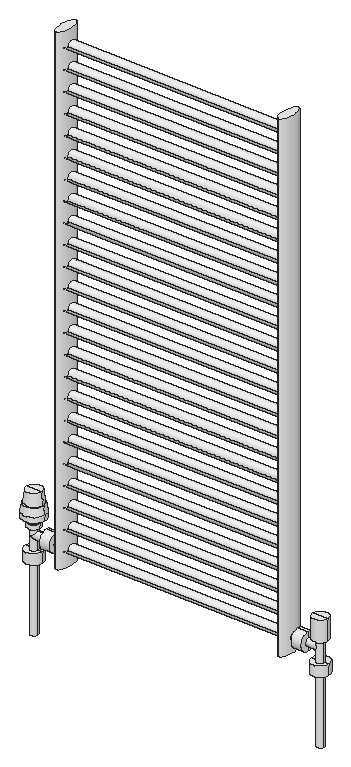
Revit family
Parameters (values of type "450 x 974mm Deep")
  Vis - Vert Connection = yes
  Vis - Horz Connection = no
  Radiator Type = "Single"
  Radiator Length = 450 mm
  Radiator Height = 974 mm
  Offset from Wall = 65 mm
  No of Bars = 24
  Material Valves and Pipes = Metal - Chrome Polished
  Material Radiator = Paint - White Polished
  Keynote = "T"
  Horz Bar Diameter = Bar Radius * 2  # 18 mm
  Height to U/S = 150 mm
  Bar Radius = 9 mm
Reference planes
  plane 1 "Wall": y = 0
  plane 2 "Center (Left/Right)": x = -1.686
  plane 3 "Back": y = 75
  plane 4: x = -226.686
  plane 5: x = 223.314
  plane 6: z = 150
  plane 7: z = 1124
  plane 8: y = 140
  plane 9: z = 180
  plane 10: z = 1094
Forms (mm)
  Extrusion 1, solid, material "Paint - White Polished" <- "Material Radiator"
    sketch origin (0, 0, 0) x (1, 0, 0) y (0, 1, 0)
      loop
        spline (-226.686, 115) -> (-224.098, 115.852) -> (-221.686, 118.349) -> (-219.615, 122.322) -> (-218.026, 127.5) -> (-217.027, 133.53) -> (-216.686, 140) -> (-217.027, 146.47) -> (-218.026, 152.5) -> (-219.615, 157.678) -> (-221.686, 161.651) -> (-224.098, 164.148) -> (-226.686, 165)
        spline (-226.686, 165) -> (-229.275, 164.148) -> (-231.686, 161.651) -> (-233.757, 157.678) -> (-235.347, 152.5) -> (-236.346, 146.47) -> (-236.686, 140) -> (-236.346, 133.53) -> (-235.347, 127.5) -> (-233.757, 122.322) -> (-231.686, 118.349) -> (-229.275, 115.852) -> (-226.686, 115)
      loop
        spline (223.314, 115) -> (225.902, 115.852) -> (228.314, 118.349) -> (230.385, 122.322) -> (231.974, 127.5) -> (232.973, 133.53) -> (233.314, 140) -> (232.973, 146.47) -> (231.974, 152.5) -> (230.385, 157.678) -> (228.314, 161.651) -> (225.902, 164.148) -> (223.314, 165)
        spline (223.314, 165) -> (220.725, 164.148) -> (218.314, 161.651) -> (216.243, 157.678) -> (214.653, 152.5) -> (213.654, 146.47) -> (213.314, 140) -> (213.654, 133.53) -> (214.653, 127.5) -> (216.243, 122.322) -> (218.314, 118.349) -> (220.725, 115.852) -> (223.314, 115)
    from 150 to 1124
Text (mm)
  text "Placement side" at (-1820.995, 1116.779, 0), in view "Ref. Level"
  text "Placement side" at (0, 1334.055, 2976.191), in view "Left"
  text "Placement side" at (0, 439.194, 2944.362), in view "Right"
Dimensions and locks
  locked: plane 3 "Back" to host wall
  equal spacing: plane 4, plane 2 "Center (Left/Right)", plane 5
  "Radiator Length": plane 4 to plane 5
  "Height to U/S": level to plane 6
  "Radiator Height": plane 6 to plane 7
  "Offset from Wall": plane 3 "Back" to plane 8
  locked: plane 10 to plane 7 at 30
  locked: plane 6 to plane 9 at 30
  equal spacing: group 1, group 3, group 4, group 5, group 6, group 7, group 8, group 9, group 10, group 11, group 12, group 13, group 14, group 15, group 16, group 17, group 18, group 19, group 20, group 21, group 22, group 23, group 24, group 2  (x3)
  aligned and locked: plane 1 "Wall" to host wall
  aligned and locked: nested 1 to plane 4
  aligned and locked: level to nested 1
  aligned and locked: nested 2 to level
  aligned and locked: nested 2 to plane 5
  aligned and locked: nested 1 to plane 8
  aligned and locked: plane 8 to nested 2
  aligned and locked: Extrusion 1 to plane 7
  aligned and locked: plane 6 to Extrusion 1
  aligned and locked: nested 3 to plane 2 "Center (Left/Right)"
  aligned and locked: nested 3 to plane 8
  aligned and locked: plane 9 to nested 3
  aligned and locked: nested 4 to plane 2 "Center (Left/Right)"
  aligned and locked: plane 10 to nested 4
  aligned and locked: nested 4 to plane 8
Automatic sketch dimensions
  Extrusion 1 sketch curve to plane 4 = 0 mm
  Extrusion 1 sketch curve to plane 5 = 0 mm
  Extrusion 1 sketch curve to plane 8 = 0 mm  (x2)
  plane 8 to Extrusion 1 sketch curve = 25 mm  (x2)
Nested families
  nested 1: "Radiator Valve - Flow" at (-226.686, 140, 0) x (-1, 0, 0) z (0, 0, 1), type "Radiator Valve - Flow"
    with Vis - Horz Entry no, Valve Offset 65 mm
  nested 2: "Radiator Valve - Return" at (223.314, 140, 0), type "Radiator Valve - Return"
    with Vis - Vert Entry yes, Vis - Horz Entry no, Value Offset 65 mm
  nested 3: "Radiator Bar" at (223.314, 140, 180) x (-1, 0, 0) z (0, 0, 1), type "Radiator Bar"
    with Bar Radius 9 mm
  nested 4: "Radiator Bar" at (223.314, 140, 1094) x (-1, 0, 0) z (0, 0, 1), type "Radiator Bar"
    with Bar Radius 9 mm
  nested 5: "Radiator Bar" at (223.314, 140, 219.739) x (-1, 0, 0) z (0, 0, 1), type "Radiator Bar"
    with Bar Radius 9 mm
  nested 6: "Radiator Bar" at (223.314, 140, 259.478) x (-1, 0, 0) z (0, 0, 1), type "Radiator Bar"
    with Bar Radius 9 mm
  nested 7: "Radiator Bar" at (223.314, 140, 299.217) x (-1, 0, 0) z (0, 0, 1), type "Radiator Bar"
    with Bar Radius 9 mm
  nested 8: "Radiator Bar" at (223.314, 140, 338.957) x (-1, 0, 0) z (0, 0, 1), type "Radiator Bar"
    with Bar Radius 9 mm
  nested 9: "Radiator Bar" at (223.314, 140, 378.696) x (-1, 0, 0) z (0, 0, 1), type "Radiator Bar"
    with Bar Radius 9 mm
  nested 10: "Radiator Bar" at (223.314, 140, 418.435) x (-1, 0, 0) z (0, 0, 1), type "Radiator Bar"
    with Bar Radius 9 mm
  nested 11: "Radiator Bar" at (223.314, 140, 458.174) x (-1, 0, 0) z (0, 0, 1), type "Radiator Bar"
    with Bar Radius 9 mm
  nested 12: "Radiator Bar" at (223.314, 140, 497.913) x (-1, 0, 0) z (0, 0, 1), type "Radiator Bar"
    with Bar Radius 9 mm
  nested 13: "Radiator Bar" at (223.314, 140, 537.652) x (-1, 0, 0) z (0, 0, 1), type "Radiator Bar"
    with Bar Radius 9 mm
  nested 14: "Radiator Bar" at (223.314, 140, 577.391) x (-1, 0, 0) z (0, 0, 1), type "Radiator Bar"
    with Bar Radius 9 mm
  nested 15: "Radiator Bar" at (223.314, 140, 617.13) x (-1, 0, 0) z (0, 0, 1), type "Radiator Bar"
    with Bar Radius 9 mm
  nested 16: "Radiator Bar" at (223.314, 140, 656.87) x (-1, 0, 0) z (0, 0, 1), type "Radiator Bar"
    with Bar Radius 9 mm
  nested 17: "Radiator Bar" at (223.314, 140, 696.609) x (-1, 0, 0) z (0, 0, 1), type "Radiator Bar"
    with Bar Radius 9 mm
  nested 18: "Radiator Bar" at (223.314, 140, 736.348) x (-1, 0, 0) z (0, 0, 1), type "Radiator Bar"
    with Bar Radius 9 mm
  nested 19: "Radiator Bar" at (223.314, 140, 776.087) x (-1, 0, 0) z (0, 0, 1), type "Radiator Bar"
    with Bar Radius 9 mm
  nested 20: "Radiator Bar" at (223.314, 140, 815.826) x (-1, 0, 0) z (0, 0, 1), type "Radiator Bar"
    with Bar Radius 9 mm
  nested 21: "Radiator Bar" at (223.314, 140, 855.565) x (-1, 0, 0) z (0, 0, 1), type "Radiator Bar"
    with Bar Radius 9 mm
  nested 22: "Radiator Bar" at (223.314, 140, 895.304) x (-1, 0, 0) z (0, 0, 1), type "Radiator Bar"
    with Bar Radius 9 mm
  nested 23: "Radiator Bar" at (223.314, 140, 935.043) x (-1, 0, 0) z (0, 0, 1), type "Radiator Bar"
    with Bar Radius 9 mm
  nested 24: "Radiator Bar" at (223.314, 140, 974.783) x (-1, 0, 0) z (0, 0, 1), type "Radiator Bar"
    with Bar Radius 9 mm
  nested 25: "Radiator Bar" at (223.314, 140, 1014.522) x (-1, 0, 0) z (0, 0, 1), type "Radiator Bar"
    with Bar Radius 9 mm
  nested 26: "Radiator Bar" at (223.314, 140, 1054.261) x (-1, 0, 0) z (0, 0, 1), type "Radiator Bar"
    with Bar Radius 9 mm
Definition of nested family "Radiator Valve - Flow"
  Parameters (values of type "Radiator Valve - Flow")
    Vis - Vertical Entry = yes
    Vis - Horz Entry = yes
    Valve Offset Vert = 30 mm
    Valve Offset Horz = 65 mm
    Valve Offset = 50 mm
    Radiator Bttm = 150 mm
    Material Valve Head = Plastic - White
    Material Valve = Metal - Chrome
    Material Pipe = Paint - White Polished
    Assembly Code = ""
  Reference planes
    plane 1 "Center (Front/Back)": y = 0
    plane 2: z = 0
    plane 3 "Center (Left/Right)": x = 0
    plane 4: x = 65
    plane 5: z = 150
    plane 6: z = 180
    plane 7: y = 50
  Forms (mm)
    Revolve 1, solid, material "Metal - Chrome" <- "Material Valve"
      sketch origin (0, 0, 0) x (1, 0, 0) y (0, 0, 1)
        loop
          line (0, 172.5) -> (20, 172.5) -> (20, 162.5) -> (40, 162.5) -> (40, 172.5) -> (65, 172.5) -> (65, 180) -> (0, 180) -> (0, 172.5)
        axis (0, 180) -> (65, 180)
      angle from 0 to 360
    Revolve 2, solid, material "Metal - Chrome" <- "Material Valve"
      sketch origin (0, 0, 0) x (1, 0, 0) y (0, 0, 1)
        loop
          line (65, 133.664) -> (65, 208.972) -> (57.5, 208.972) -> (57.5, 202) -> (52.5, 202) -> (52.5, 195) -> (57.5, 195) -> (57.5, 153.664) -> (47.5, 153.664) -> (47.5, 133.664) -> (65, 133.664)
        axis (65, 208.972) -> (65, 133.664)
      angle from 0 to 360
    Extrusion 3, solid, material "Paint - White Polished" <- "Material Pipe", visible <- "Vis - Vertical Entry"
      sketch origin (0, 0, 0) x (1, 0, 0) y (0, 1, 0)
        loop
          circle (65, 0) r 7.5
      from 0 to 133.664
    Revolve 4, solid, material "Plastic - White" <- "Material Valve Head"
      sketch origin (0, 0, 0) x (1, 0, 0) y (0, 0, 1)
        loop
          line (65, 208.972) -> (65, 261.547) -> (49.835, 261.547) -> (47.463, 238.117) -> (45.504, 236.986) -> (42.899, 222.214) -> (42.899, 212.214) -> (55, 208.972) -> (65, 208.972)
        axis (65, 208.972) -> (65, 261.547)
      angle from 0 to 360
    Sweep 5, solid, material "Paint - White Polished" <- "Material Pipe", visible <- "Vis - Horz Entry"
      path origin (65, 0, 0) x (0, -1, 0) y (0, 0, 1)
        loop
          line (0, 133.664) -> (0, 125)
          arc (0, 125) -> (-4.393, 114.393) -> (-15, 110) r 15
          line (-15, 110) -> (-50, 110)
      profile origin (65, 0, 129.332) x (-1, 0, 0) y (0, -1, 0)
        loop
          circle (0, 0) r 7.5
  Cuts and joins
    joined: Revolve 1, Revolve 2
  Lines and regions (mm)
    symbolic lines, detail levels medium+fine
      curve 1: line (0, 7.5, 0) -> (65, 7.5, 0)
      curve 2: line (0, -7.5, 0) -> (65, -7.5, 0)
      curve 3: circle (65, 0, 0) r 7.5 normal (0, 0, 1)
  Dimensions and locks
    "Valve Offset Horz": plane 3 "Center (Left/Right)" to plane 4
    "Radiator Bttm": plane 5 to level
    "Valve Offset Vert": plane 6 to plane 5
    "Valve Offset": plane 1 "Center (Front/Back)" to plane 7
    aligned and locked: Extrusion 3 to cut or joined group of Revolve 1, Revolve 2
    aligned and locked: Extrusion 3 to level
    aligned and locked: curve 1 to cut or joined group of Revolve 1, Revolve 2  (x3)
    aligned and locked: cut or joined group of Revolve 1, Revolve 2 to curve 2
    aligned and locked: curve 2 to cut or joined group of Revolve 1, Revolve 2  (x2)
  Automatic sketch dimensions
    Revolve 1 sketch curve to plane 6 = 0 mm  (x2)
    Revolve 1 sketch curve to plane 3 "Center (Left/Right)" = 0 mm
    Revolve 1 sketch curve to plane 4 = 0 mm
    Revolve 1 sketch curve to Revolve 1 sketch curve = 20 mm  (x2)
    plane 6 to Revolve 1 sketch curve = 7.5 mm  (x2)
    plane 3 "Center (Left/Right)" to Revolve 1 sketch curve = 20 mm
    Revolve 1 sketch curve to Revolve 1 sketch curve = 30 mm
    Revolve 1 sketch curve to Revolve 1 sketch curve = 10 mm
    Revolve 2 sketch curve to plane 4 = 0 mm  (x2)
    plane 4 to Revolve 2 sketch curve = 7.5 mm
    Revolve 2 sketch curve to Revolve 2 sketch curve = 0 mm
    Revolve 2 sketch curve to Revolve 2 sketch curve = 5 mm
    Revolve 2 sketch curve to plane 5 = 3.664 mm
    Revolve 2 sketch curve to Revolve 2 sketch curve = 10 mm
    plane 5 to Revolve 2 sketch curve = 16.336 mm
    Revolve 2 sketch curve to Revolve 2 sketch curve = 24.692 mm
    Revolve 2 sketch curve to plane 6 = 15 mm
    Revolve 2 sketch curve to Revolve 2 sketch curve = 7 mm
    Revolve 2 sketch curve to Revolve 2 sketch curve = 6.972 mm
    Revolve 2 sketch curve to Revolve 2 sketch curve = 25 mm
    Extrusion 3 sketch curve to plane 1 "Center (Front/Back)" = 0 mm
    Extrusion 3 sketch curve to plane 4 = 0 mm
    Revolve 4 sketch curve to plane 4 = 0 mm  (x2)
    plane 4 to Revolve 4 sketch curve = 10 mm
    plane 4 to Revolve 4 sketch curve = 15.165 mm
    plane 4 to Revolve 4 sketch curve = 17.537 mm
    Revolve 4 sketch curve to Revolve 4 sketch curve = 1.959 mm
    Revolve 4 sketch curve to Revolve 4 sketch curve = 2.605 mm
    Revolve 4 sketch curve to plane 6 = 18.972 mm
    Revolve 4 sketch curve to Revolve 4 sketch curve = 10 mm  (x2)
    Revolve 4 sketch curve to Revolve 4 sketch curve = 3.242 mm
    Revolve 4 sketch curve to Revolve 4 sketch curve = 14.772 mm
    Revolve 4 sketch curve to Revolve 4 sketch curve = 1.131 mm
    Revolve 4 sketch curve to Revolve 4 sketch curve = 23.43 mm
    Revolve 4 sketch curve to Revolve 4 sketch curve = 6.348 mm
    curve 3 to plane 4 = 0 mm
    Sweep 5 sketch curve to plane 7 = 0 mm
    Sweep 5 sketch curve to plane 1 "Center (Front/Back)" = 0 mm
    Sweep 5 sketch curve to plane 1 "Center (Front/Back)" = 15 mm
    plane 5 to Sweep 5 sketch curve = 40 mm
    Sweep 5 sketch curve to Sweep 5 sketch curve = 8.664 mm
    Sweep 5 sketch curve to plane 4 = 0 mm
    Sweep 5 sketch curve to profile plane = 0 mm
    radius of Extrusion 3 sketch curve = 7.5 mm
    radius of Sweep 5 sketch curve = 7.5 mm
Definition of nested family "Radiator Valve - Return"
  Parameters (values of type "Radiator Valve - Return")
    Vis - Vert Entry = no
    Vis - Horz Entry = yes
    Valve Offset Vert = 30 mm
    Valve Offset Horz = 65 mm
    Value Offset = 50 mm
    Radiator Bttm = 150 mm
    Material Valve Head = Plastic - White
    Material Valve = Metal - Chrome
    Material Pipe = Paint - White Polished
    Assembly Code = ""
  Reference planes
    plane 1 "Center (Front/Back)": y = 0
    plane 2: z = 0
    plane 3 "Center (Left/Right)": x = 0
    plane 4: x = 65
    plane 5: z = 150
    plane 6: z = 180
    plane 7: y = 50
  Forms (mm)
    Revolve 1, solid, material "Metal - Chrome" <- "Material Valve"
      sketch origin (0, 0, 0) x (1, 0, 0) y (0, 0, 1)
        loop
          line (0, 172.5) -> (20, 172.5) -> (20, 162.5) -> (40, 162.5) -> (40, 172.5) -> (65, 172.5) -> (65, 180) -> (0, 180) -> (0, 172.5)
        axis (0, 180) -> (65, 180)
      angle from 0 to 360
    Revolve 2, solid, material "Metal - Chrome" <- "Material Valve"
      sketch origin (0, 0, 0) x (1, 0, 0) y (0, 0, 1)
        loop
          line (65, 133.664) -> (65, 195) -> (57.5, 195) -> (57.5, 153.664) -> (47.5, 153.664) -> (47.5, 133.664) -> (65, 133.664)
        axis (65, 195) -> (65, 133.664)
      angle from 0 to 360
    Extrusion 3, solid, material "Paint - White Polished" <- "Material Pipe", visible <- "Vis - Vert Entry"
      sketch origin (0, 0, 0) x (1, 0, 0) y (0, 1, 0)
        loop
          circle (65, 0) r 7.5
      from 0 to 133.664
    Revolve 4, solid, material "Plastic - White" <- "Material Valve Head"
      sketch origin (0, 0, 0) x (1, 0, 0) y (0, 0, 1)
        loop
          line (65, 195) -> (65, 235) -> (50, 235) -> (50, 195) -> (65, 195)
        axis (65, 195) -> (65, 235)
      angle from 0 to 360
    Sweep 5, solid, material "Paint - White Polished" <- "Material Pipe", visible <- "Vis - Horz Entry"
      path origin (65, 0, 0) x (0, -1, 0) y (0, 0, 1)
        loop
          line (0, 133.664) -> (0, 126.567)
          arc (0, 126.567) -> (-4.393, 115.961) -> (-15, 111.567) r 15
          line (-15, 111.567) -> (-50, 111.567)
      profile origin (65, 0, 130.116) x (-1, 0, 0) y (0, -1, 0)
        loop
          circle (0, 0) r 7.5
  Cuts and joins
    joined: Revolve 1, Revolve 2
  Lines and regions (mm)
    symbolic lines, detail levels medium+fine
      curve 1: line (0, 7.5, 0) -> (65, 7.5, 0)
      curve 2: line (0, -7.5, 0) -> (65, -7.5, 0)
      curve 3: circle (65, 0, 0) r 7.5 normal (0, 0, 1)
  Dimensions and locks
    "Valve Offset Horz": plane 3 "Center (Left/Right)" to plane 4
    "Radiator Bttm": plane 5 to level
    "Valve Offset Vert": plane 6 to plane 5
    "Value Offset": plane 1 "Center (Front/Back)" to plane 7
    aligned and locked: Extrusion 3 to cut or joined group of Revolve 1, Revolve 2
    aligned and locked: Extrusion 3 to level
    aligned and locked: curve 1 to cut or joined group of Revolve 1, Revolve 2  (x3)
    aligned and locked: cut or joined group of Revolve 1, Revolve 2 to curve 2
  Automatic sketch dimensions
    Revolve 1 sketch curve to plane 6 = 0 mm  (x2)
    Revolve 1 sketch curve to plane 3 "Center (Left/Right)" = 0 mm
    Revolve 1 sketch curve to plane 4 = 0 mm
    Revolve 1 sketch curve to Revolve 1 sketch curve = 20 mm  (x2)
    plane 6 to Revolve 1 sketch curve = 7.5 mm  (x2)
    plane 3 "Center (Left/Right)" to Revolve 1 sketch curve = 20 mm
    Revolve 1 sketch curve to Revolve 1 sketch curve = 30 mm
    Revolve 1 sketch curve to Revolve 1 sketch curve = 10 mm
    Extrusion 3 sketch curve to plane 1 "Center (Front/Back)" = 0 mm
    Extrusion 3 sketch curve to plane 4 = 0 mm
    Revolve 2 sketch curve to plane 4 = 0 mm  (x2)
    plane 4 to Revolve 2 sketch curve = 7.5 mm
    Revolve 2 sketch curve to plane 5 = 3.664 mm
    Revolve 2 sketch curve to Revolve 2 sketch curve = 10 mm
    plane 5 to Revolve 2 sketch curve = 16.336 mm
    Revolve 2 sketch curve to Revolve 2 sketch curve = 24.692 mm
    Revolve 2 sketch curve to plane 6 = 15 mm
    Revolve 2 sketch curve to Revolve 2 sketch curve = 0 mm
    Revolve 4 sketch curve to plane 4 = 0 mm  (x2)
    plane 4 to Revolve 4 sketch curve = 15 mm
    Revolve 4 sketch curve to plane 6 = 15 mm
    Revolve 4 sketch curve to Revolve 4 sketch curve = 3.972 mm
    Revolve 4 sketch curve to Revolve 4 sketch curve = 36.028 mm
    Revolve 4 sketch curve to Revolve 4 sketch curve = 32.895 mm
    curve 2 to plane 4 = 0 mm
    curve 3 to plane 1 "Center (Front/Back)" = 0 mm
    curve 3 to plane 4 = 0 mm
    Sweep 5 sketch curve to plane 7 = 0 mm
    Sweep 5 sketch curve to plane 1 "Center (Front/Back)" = 0 mm
    Sweep 5 sketch curve to plane 1 "Center (Front/Back)" = 15 mm
    plane 5 to Sweep 5 sketch curve = 38.433 mm
    Sweep 5 sketch curve to Sweep 5 sketch curve = 7.097 mm
    Sweep 5 sketch curve to plane 4 = 0 mm
    Sweep 5 sketch curve to profile plane = 0 mm
    radius of Extrusion 3 sketch curve = 7.5 mm
    radius of Sweep 5 sketch curve = 7.5 mm
Definition of nested family "Radiator Bar"
  Parameters
    Width = 450 mm
    Material Radiator Body = Metal - Chrome Polished
    Curve Radius = 3000 mm
    Bar Radius = 6 mm
  Reference planes
    plane 1 "Center (Front/Back)": y = 0
    plane 2: z = 0
    plane 3 "Center (Left/Right)": x = 0
    plane 4: x = 450
    plane 5: x = 225
  Forms (mm)
    Sweep 1, solid, material "Metal - Chrome Polished" <- "Material Radiator Body"
      path origin (0, 0, 0) x (1, 0, 0) y (0, 1, 0)
        loop
          arc (0, 0) -> (225, -8.449) -> (450, 0) r 3000
      profile origin (225, -8.449, 0) x (0, 1, 0) y (0, 0, 1)
        loop
          circle (0, 0) r 6
  Dimensions and locks
    "Width": plane 4 to plane 3 "Center (Left/Right)"
    equal spacing: plane 3 "Center (Left/Right)", plane 5, plane 4
    "Curve Radius": radius of Sweep 1 sketch curve
    "Bar Radius": radius of Sweep 1 sketch curve
  Automatic sketch dimensions
    Sweep 1 sketch curve to plane 1 "Center (Front/Back)" = 0 mm  (x2)
    Sweep 1 sketch curve to plane 3 "Center (Left/Right)" = 0 mm
    Sweep 1 sketch curve to plane 4 = 0 mm
    Sweep 1 sketch curve to level = 0 mm
    Sweep 1 sketch curve to profile plane = 0 mm
